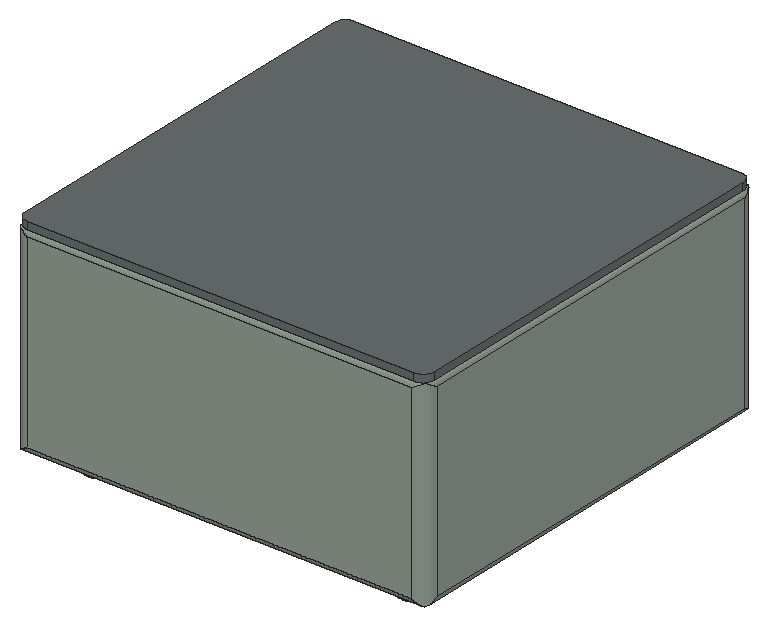
Revit family "FU_Table_Sandler_KERN 0710", category Furniture, Revit 2022
Family settings
  OmniClass Number = 23.40.20.00
  OmniClass Title = General Furniture and Specialties
  Work Plane-Based = No
  Always vertical = Yes
  Cut with Voids When Loaded = No
  Render Appearance Source = Family Geometry
  Shared = No
  Room Calculation Point = No
Parameters (values of type "Kern 0710")
  Width = 700 mm
  URL = "https://www.sandlerseating.com/product/kern-0710/"
  Top [instance] = Wood - Oak - Black - V
  Panel [instance] = Fabric - Mainline Flax - Bayswater MLF24
  Model = "Kern 0710"
  Manufacturer = "Sandler"
  Height = 390 mm
  Description = "Square coffee table module for the Kern modular series, featuring upholstered side panels. 15.4\"/39cm high. 97% recycled, 100% recyclable."
  Depth = 700 mm
  Default Elevation = 0 mm
Reference planes
  plane 1 "Center (Front/Back)": y = 0
  plane 2: z = 0
  plane 3 "Center (Left/Right)": x = 0
  plane 4 "Right": x = -350
  plane 5 "Left": x = 350
  plane 6 "Back": y = 350
  plane 7 "Front": y = -350
  plane 8 "Height": z = 390
  plane 9 "top base": z = 378
  plane 10 "Base": z = 38
  plane 11 "Right Leg": x = -266.452
Forms (mm)
  Extrusion 1, solid, material "Fabric - Mainline Flax - Bayswater MLF24" <- "Panel"
    sketch origin (0, 0, 38) x (0, -1, 0) y (1, 0, 0)
      loop
        line (350, -327) -> (350, 327)
        arc (350, 327) -> (343.263, 343.263) -> (327, 350) r 23
        line (327, 350) -> (-327, 350)
        arc (-327, 350) -> (-343.263, 343.263) -> (-350, 327) r 23
        line (-350, 327) -> (-350, -327)
        arc (-350, -327) -> (-343.263, -343.263) -> (-327, -350) r 23
        line (-327, -350) -> (327, -350)
        arc (327, -350) -> (343.263, -343.263) -> (350, -327) r 23
    from 0 to 340
  Sweep 2, void
    path origin (0, 0, 38) x (0, -1, 0) y (1, 0, 0)
      loop
        line (-350, -350) -> (350, -350) -> (350, 350) -> (-350, 350) -> (-350, -350)
    profile "Pro_edgeCut_10mm : Pro_edgeCut_10mm" origin (0, 350, 38) x (0, 1, 0) y (0, 0, 1)
      loop
        line (-7.071, -21.213) -> (21.213, 7.071) -> (0, 14.142) -> (0, 10)
        arc (0, 10) -> (-2.929, 2.929) -> (-10, 0) r 10
        line (-10, 0) -> (-14.142, 0) -> (-7.071, -21.213)
  Sweep 3, void
    path origin (0, 0, 378) x (-1, 0, 0) y (0, -1, 0)
      loop
        line (350, -350) -> (350, 350) -> (-350, 350) -> (-350, -350) -> (350, -350)
    profile "Pro_edgeCut_10mm : Pro_edgeCut_10mm" origin (0, 350, 378) x (0, 1, 0) y (0, 0, 1)
      loop
        line (21.213, -7.071) -> (-7.071, 21.213) -> (-14.142, 0) -> (-10, 0)
        arc (-10, 0) -> (-2.929, -2.929) -> (0, -10) r 10
        line (0, -10) -> (0, -14.142) -> (21.213, -7.071)
  Revolve 4, solid, material "Plastic, Opaque Black"
    sketch origin (-266.452, 0, 0) x (0, 1, 0) y (0, 0, 1)
      loop
        line (-295.76, 58.997) -> (-295.76, 4.5)
        arc (-295.76, 4.5) -> (-294.442, 1.318) -> (-291.26, 0) r 4.5
        line (-291.26, 0) -> (-266.44, 0) -> (-266.44, 58.997) -> (-295.76, 58.997)
      axis (-266.44, 58.997) -> (-266.44, 0)
    angle from 0 to 360
  Revolve 5, solid, material "Plastic, Opaque Black"
    sketch origin (266.452, 0, 0) x (0, 1, 0) y (0, 0, -1)
      loop
        line (-295.76, -58.997) -> (-266.44, -58.997) -> (-266.44, 0) -> (-291.26, 0)
        arc (-291.26, 0) -> (-294.442, -1.318) -> (-295.76, -4.5) r 4.5
        line (-295.76, -4.5) -> (-295.76, -58.997)
      axis (-266.44, -58.997) -> (-266.44, 0)
    angle from 0 to 360
  Revolve 6, solid, material "Plastic, Opaque Black"
    sketch origin (-266.452, 0, 0) x (0, -1, 0) y (0, 0, -1)
      loop
        line (-295.76, -58.997) -> (-266.44, -58.997) -> (-266.44, 0) -> (-291.26, 0)
        arc (-291.26, 0) -> (-294.442, -1.318) -> (-295.76, -4.5) r 4.5
        line (-295.76, -4.5) -> (-295.76, -58.997)
      axis (-266.44, -58.997) -> (-266.44, 0)
    angle from 0 to 360
  Revolve 7, solid, material "Plastic, Opaque Black"
    sketch origin (266.452, 0, 0) x (0, -1, 0) y (0, 0, 1)
      loop
        line (-295.76, 58.997) -> (-295.76, 4.5)
        arc (-295.76, 4.5) -> (-294.442, 1.318) -> (-291.26, 0) r 4.5
        line (-291.26, 0) -> (-266.44, 0) -> (-266.44, 58.997) -> (-295.76, 58.997)
      axis (-266.44, 58.997) -> (-266.44, 0)
    angle from 0 to 360
  Extrusion 8, solid, material "Wood - Oak - Black - V" <- "Top"
    sketch origin (0, 0, 390) x (-1, 0, 0) y (0, -1, 0)
      loop
        arc (327, -347) -> (341.142, -341.142) -> (347, -327) r 20
        line (347, -327) -> (347, 327)
        arc (347, 327) -> (341.142, 341.142) -> (327, 347) r 20
        line (327, 347) -> (-327, 347)
        arc (-327, 347) -> (-341.142, 341.142) -> (-347, 327) r 20
        line (-347, 327) -> (-347, -327)
        arc (-347, -327) -> (-341.142, -341.142) -> (-327, -347) r 20
        line (-327, -347) -> (327, -347)
    from -12 to 0
Cuts and joins
  Sweep 2, Sweep 3 cuts Extrusion 1
Dimensions and locks
  equal spacing: plane 6 "Back", plane 1 "Center (Front/Back)", plane 7 "Front"
  "Depth": plane 6 "Back" to plane 7 "Front"
  equal spacing: plane 4 "Right", plane 3 "Center (Left/Right)", plane 5 "Left"
  "Width": plane 4 "Right" to plane 5 "Left"
  "Height": plane 8 "Height" to level
  aligned and locked: level to plane 2
Automatic sketch dimensions
  Extrusion 1 sketch curve to plane 6 "Back" = 0 mm
  Extrusion 1 sketch curve to plane 4 "Right" = 0 mm
  Extrusion 1 sketch curve to plane 5 "Left" = 0 mm
  Extrusion 1 sketch curve to plane 7 "Front" = 0 mm
  Extrusion 1 sketch curve to Extrusion 1 sketch curve = 23 mm
  Extrusion 1 sketch curve to plane 6 "Back" = 23 mm
  plane 7 "Front" to Extrusion 1 sketch curve = 23 mm  (x2)
  Sweep 2 sketch curve to plane 5 "Left" = 0 mm
  Sweep 2 sketch curve to plane 6 "Back" = 0 mm
  Sweep 2 sketch curve to plane 4 "Right" = 0 mm
  Sweep 2 sketch curve to plane 7 "Front" = 0 mm
  Sweep 3 sketch curve to plane 5 "Left" = 0 mm
  Sweep 3 sketch curve to plane 4 "Right" = 0 mm
  Sweep 3 sketch curve to plane 6 "Back" = 0 mm
  Sweep 3 sketch curve to plane 7 "Front" = 0 mm
  Revolve 4 sketch curve to level = 0 mm
  plane 7 "Front" to Revolve 4 sketch curve = 54.24 mm
  level to Revolve 4 sketch curve = 4.5 mm
  Revolve 4 sketch curve to Revolve 4 sketch curve = 24.82 mm
  Revolve 4 sketch curve to plane 10 "Base" = 20.998 mm
  Revolve 4 sketch curve to Revolve 4 sketch curve = 0 mm  (x2)
  Revolve 4 sketch curve to level = 6.003 mm
  Revolve 5 sketch curve to level = 0 mm
  plane 7 "Front" to Revolve 5 sketch curve = 54.24 mm
  level to Revolve 5 sketch curve = 4.5 mm
  Revolve 5 sketch curve to Revolve 5 sketch curve = 24.82 mm
  Revolve 5 sketch curve to plane 10 "Base" = 20.998 mm
  Revolve 5 sketch curve to Revolve 5 sketch curve = 0 mm  (x2)
  Revolve 5 sketch curve to level = 6.003 mm
  Revolve 6 sketch curve to level = 0 mm
  Revolve 6 sketch curve to plane 6 "Back" = 54.24 mm
  level to Revolve 6 sketch curve = 4.5 mm
  Revolve 6 sketch curve to Revolve 6 sketch curve = 24.82 mm
  Revolve 6 sketch curve to plane 10 "Base" = 20.998 mm
  Revolve 6 sketch curve to Revolve 6 sketch curve = 0 mm  (x2)
  Revolve 6 sketch curve to level = 6.003 mm
  Revolve 7 sketch curve to level = 0 mm
  Revolve 7 sketch curve to plane 6 "Back" = 54.24 mm
  level to Revolve 7 sketch curve = 4.5 mm
  Revolve 7 sketch curve to Revolve 7 sketch curve = 24.82 mm
  Revolve 7 sketch curve to plane 10 "Base" = 20.998 mm
  Revolve 7 sketch curve to Revolve 7 sketch curve = 0 mm  (x2)
  Revolve 7 sketch curve to level = 6.003 mm
  Extrusion 8 sketch curve to plane 5 "Left" = 3 mm
  Extrusion 8 sketch curve to Extrusion 8 sketch curve = 20 mm
  plane 7 "Front" to Extrusion 8 sketch curve = 3 mm
  Extrusion 8 sketch curve to plane 5 "Left" = 23 mm
  plane 4 "Right" to Extrusion 8 sketch curve = 23 mm  (x2)
  plane 4 "Right" to Extrusion 8 sketch curve = 3 mm
  Extrusion 8 sketch curve to plane 6 "Back" = 23 mm
